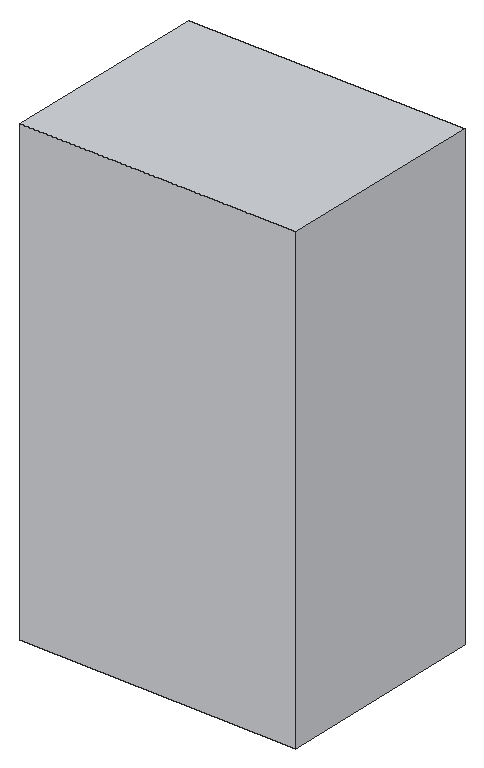
Revit family
Parameters
  Warranty Duration (Years) = 0
  Unit Width [instance] = 1' - 8 177/256"
  Unit Height [instance] = 0' - 9 99/256"
  Unit Depth = 0' - 0"
  URL = "http://www.americanspecialties.com/viewCategories.cfm"
  Trim Material = Metal - Stainless Steel
  Test Data = ""
  Specification = "http://www.arcat.com/sdspecs/htm/10810asi.htm"
  SpecWizard = ""
  Send Message = "http://www.arcat.com/users.pl?action=UserEmail&company=American%20Specialties,%20Inc.&coid=30448&rep=139&fax=914-476-0688&mf="
  Sales Information = "http://www.americanspecialties.com/contact"
  Revision = "R1_10-2010"
  Product Properties = "http://www.americanspecialties.com/datasheets/0002-SM.pdf"
  Product Data = "http://www.arcat.com/arcatcos/cos30/arc30448.html"
  Model = "As Specified in 10 28 13"
  Manufacturer Website = "http://www.americanspecialties.com/viewCategories.cfm"
  Manufacturer Phone - Toll Free = ""
  Manufacturer Phone = "914-476-9000 "
  Manufacturer Fax = "914-476-0688"
  Manufacturer Address = "441 Saw Mill River Rd., Yonkers, NY 10701"
  Manufacturer = "American Specialties, Inc."
  Maintenance Schedule (Months) = 0
  Keynote = "10 28 13"
  Installation-Fabrication = "http://www.americanspecialties.com/products.cfm"
  Green Building-LEED = ""
  Expected Lifespan (Years) = 0
  Drawn By = "Robert S. Weygant. CSI, CDT, SCIP"  # constant formula
  Description = "Toilet Accessory as Specified in 10 28 13"
  Default Elevation = 4' - 0"
  Copyright = "©Arcat Inc."
  Construction Details = "http://www.arcat.com/green/clients/leed_data_30448.html"
  Building Codes = "http://www.americanspecialties.com/products.cfm"
  Body Material = Metal - Stainless Steel
  Assembly Code = "C1030210"
Reference planes (in)
  plane 1 "Center (Front/Back)": y = -0.29112
  plane 2 "Floor Line": z = 0
  plane 3 "Center (Left/Right)": x = -0.65843
  plane 4: z = 52.69336
  plane 5: x = -11.00414
  plane 6: x = 9.68727
  plane 7: z = 48
  plane 8: z = 57.38672
Forms (in)
  Extrusion 1, solid
    sketch origin (-3, -9, -6) x (0, 0, -1) y (1, 0, 0)
      loop
        line (-82, 26) -> (-82, -19.34712) -> (-6, -19.34712) -> (-6, 26) -> (-82, 26)
    from 9 to -25.60721
  Extrusion 2, solid, material "Metal - Stainless Steel" <- "Body Material"
    sketch origin (-0.36732, -0.99374, 0.037) x (0, -1, 0) y (1, 0, 0)
      loop
        circle (3.34132, -0.29112) r 1.0625
    from -0.037 to 1.35407
  Sweep 3, void
    path origin (-0.36732, -0.99374, 0) x (0, -1, 0) y (1, 0, 0)
      loop
        circle (3.34132, -0.29112) r 1.0625
    profile origin (0.40407, -4.33507, 0) x (-1, 0, 0) y (0, 0, 1)
      loop
        line (0, 0) -> (0.125, 0)
        arc (0.125, 0) -> (0.03661, 0.03661) -> (0, 0.125) r 0.125
        line (0, 0.125) -> (0, 0)
  Extrusion 4, solid, material "Metal - Stainless Steel" <- "Body Material"
    sketch origin (-0.36732, -0.29112, -0.84939) x (1, 0, 0) y (0, 0, 1)
      loop
        circle (-0.29112, 3.09939) r 1.46875
    from -7.25 to 7.5
  Extrusion 5, solid, material "Metal - Stainless Steel" <- "Body Material"
    sketch origin (-0.36732, -0.95627, -0.84939) x (1, 0, 0) y (0, 0, 1)
      loop
        circle (-0.29112, 3.09939) r 1.5
    from -8.41515 to -7.91515
  Sweep 6, void
    path origin (-0.36732, -0.29112, -0.84939) x (1, 0, 0) y (0, 0, 1)
      loop
        circle (-0.28239, 3.10089) r 1.5
    profile origin (-0.64971, -0.29112, 0.7515) x (0, 0, -1) y (0, -1, 0)
      loop
        line (0.13909, -7.46178) -> (-0.43301, -7.81927) -> (-0.43301, -7.91673) -> (0.13909, -7.91673) -> (0.13909, -7.46178)
  Extrusion 7, void
    sketch origin (-0.36732, -0.94955, -0.84939) x (0, -1, 0) y (1, 0, 0)
      loop
        line (2.98242, -0.22752) -> (3.70022, -0.22752) -> (3.57522, -0.10252) -> (3.10742, -0.10252) -> (2.98242, -0.22752)
      loop
        line (2.98242, -0.35471) -> (3.10742, -0.47971) -> (3.57522, -0.47971) -> (3.70022, -0.35471) -> (2.98242, -0.35471)
    from 4.45954 to 4.95484
  Extrusion 8, void
    sketch origin (-0.36732, -0.29112, -0.84939) x (1, 0, 0) y (0, 0, 1)
      loop
        circle (-0.29112, 3.09939) r 1.34308
    from -7.25 to 8.3269
  Blend 9, solid, material "Metal - Stainless Steel" <- "Trim Material"
    base sketch origin (-0.36732, 1.70888, 0.62805) x (1, 0, 0) y (0, 0, 1)
      loop
        circle (-0.29112, 1.56877) r 1.25
    top sketch origin (-0.36732, 1.70888, 0.62805) x (1, 0, 0) y (0, 0, 1)
      loop
        circle (-0.29112, 1.56877) r 1
    from 9.18748 to 11.3269
Cuts and joins
  Sweep 6 cuts Extrusion 5
  Sweep 3, Extrusion 8 cuts Extrusion 2
  Extrusion 7, Extrusion 8 cuts Extrusion 4
  joined: Extrusion 2, Extrusion 4
Dimensions and locks (in)
  equal spacing: plane 8, plane 4, plane 7
  equal spacing: plane 6, plane 3 "Center (Left/Right)", plane 5
  "Unit Width": plane 6 to plane 5
  "Unit Height": plane 8 to plane 7
  "Default Elevation": plane 7 to plane 2 "Floor Line"
  aligned and locked: Extrusion 1 to level
  aligned and locked: Extrusion 4 to Extrusion 5
  aligned and locked: Extrusion 4 to Extrusion 8
  aligned and locked: Extrusion 2 to level
Automatic sketch dimensions
  Extrusion 1 sketch curve to Extrusion 1 sketch curve = 6' - 4"
  Extrusion 1 sketch curve to Extrusion 1 sketch curve = 3' - 9.34712"
  Extrusion 2 sketch curve to plane 3 "Center (Left/Right)" = 0' - 0"
  plane 1 "Center (Front/Back)" to Extrusion 2 sketch curve = 0' - 4.04395"
  Sweep 3 sketch curve to plane 3 "Center (Left/Right)" = 0' - 0"
  plane 1 "Center (Front/Back)" to Sweep 3 sketch curve = 0' - 4.04395"
  Sweep 3 sketch curve to profile plane = 0' - 0"  (x2)
  Sweep 3 sketch curve to profile plane = 0' - 0 1/8"
  Extrusion 4 sketch curve to plane 3 "Center (Left/Right)" = 0' - 0"
  level to Extrusion 4 sketch curve = 0' - 2 1/4"
  Extrusion 5 sketch curve to plane 3 "Center (Left/Right)" = 0' - 0"
  level to Extrusion 5 sketch curve = 0' - 2 1/4"
  plane 3 "Center (Left/Right)" to Sweep 6 sketch curve = 0' - 0.00872"
  level to Sweep 6 sketch curve = 0' - 2.2515"
  profile plane to Sweep 6 sketch curve = 0' - 0.43301"
  Sweep 6 sketch curve to profile plane = 0' - 0.13909"
  Sweep 6 sketch curve to profile plane = 0' - 7.91673"
  Sweep 6 sketch curve to Sweep 6 sketch curve = 0' - 0.09746"
  Sweep 6 sketch curve to Sweep 6 sketch curve = 0' - 0.45495"
  plane 3 "Center (Left/Right)" to Extrusion 7 sketch curve = 0' - 0.06359"
  plane 1 "Center (Front/Back)" to Extrusion 7 sketch curve = 0' - 3.64086"
  Extrusion 7 sketch curve to plane 3 "Center (Left/Right)" = 0' - 0.06359"
  Extrusion 7 sketch curve to Extrusion 7 sketch curve = 0' - 0"  (x3)
  plane 3 "Center (Left/Right)" to Extrusion 7 sketch curve = 0' - 0.18859"
  Extrusion 7 sketch curve to Extrusion 7 sketch curve = 0' - 0 1/8"  (x3)
  Extrusion 7 sketch curve to plane 3 "Center (Left/Right)" = 0' - 0.18859"
  Extrusion 7 sketch curve to Extrusion 7 sketch curve = 0' - 0.4678"
  Extrusion 8 sketch curve to plane 3 "Center (Left/Right)" = 0' - 0"
  level to Extrusion 8 sketch curve = 0' - 2 1/4"
  Blend 9 sketch curve to plane 3 "Center (Left/Right)" = 0' - 0"  (x2)
  level to Blend 9 sketch curve = 0' - 2.19682"  (x2)
  radius of Extrusion 2 sketch curve = 0' - 1 1/16"
  radius of Sweep 3 sketch curve = 0' - 1 1/16"
  radius of Extrusion 4 sketch curve = 0' - 1 15/32"
  radius of Extrusion 5 sketch curve = 0' - 1 1/2"
  radius of Sweep 6 sketch curve = 0' - 1 1/2"
  radius of Extrusion 8 sketch curve = 0' - 1.34308"
  radius of Blend 9 sketch curve = 0' - 1 1/4"
  radius of Blend 9 sketch curve = 0' - 1"
